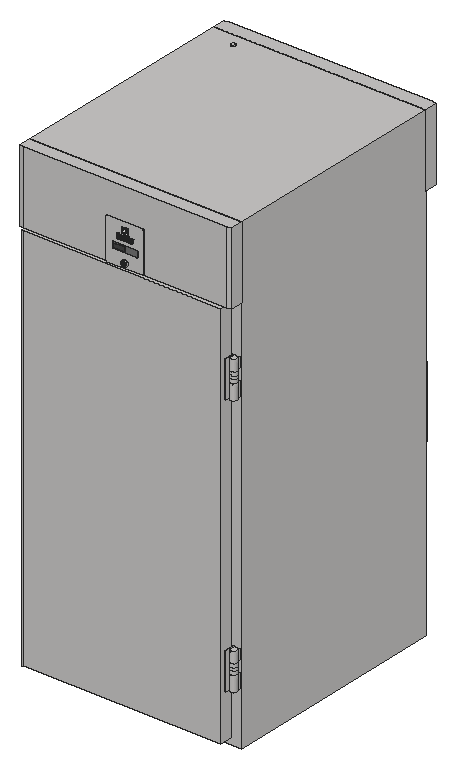
Revit family "QF_ELECTROLUXPROFESSIONAL_725103_RI16R2FGT", category Specialty Equipment, Revit 2018
Family settings
  Round Connector Dimension = Use Diameter
  Part Type = Normal
  Work Plane-Based = No
  Always vertical = Yes
  Cut with Voids When Loaded = No
  Shared = No
  Room Calculation Point = No
Parameters (values of type "Standard")
  Weight = 220.00 kg
  Watts = 0 W
  Volts = 220 V
  URL Manufacturer = "http://professional.electrolux.com"
  URL = "http://professional.electrolux.com"
  Steam Supply Size = 0 mm
  Steam Supply Minimum Pressure = 0.0 Pa
  Steam Supply Maximum Pressure = 0.0 Pa
  Steam Pounds per Hour = 0
  Refrigeration Suction Line Size = 0 mm
  Refrigeration Liquid Line Size = 0 mm
  Refrigerant Compressor Remote = yes
  Manufacturer = "Electrolux Professional"
  Phase = 1
  Model = "RI16R2FGT"
  Length Actual = 1021 mm  # constant formula
  Item Number = "725103"
  Hot Water Size = 0 mm
  Height Actual = 2272 mm  # constant formula
  HP = "0.7 HP"
  Gas Size = 0 mm
  Gas KW = 0
  Gas Input Pressure = 0 W
  Direct Waste Size = 0 mm
  Description = "1+1-GLASS DOOR ROLL-THRU REFRIGERATOR 1600LT+2°C R290"
  Depth Actual = 1249 mm  # constant formula
  Cycle = 50 Hz
  Condensate Return Size = 0 mm
  Compressed Air Volume = 0.0 L/s
  Compressed Air Size = 0 mm
  Compressed Air Pressure = 0.0 Pa
  Cold Water Size = 0 mm
  Accessory = yes
Values of the unnamed type that differ from the named types
  Volts = 0 V
  URL Manufacturer = ""
  Item Number = ""
  Cycle = 0 Hz
Reference planes
  plane 1: z = 0
  plane 2 "Center (Left/Right)": x = 0
  plane 3 "TOP": z = 2273
  plane 4 "LEFT": x = -510.5
  plane 5 "RIGHT": x = 510.5
  plane 6 "ROx": x = 394.5
  plane 7 "RIx": x = 332.5
  plane 8 "FRONT": y = -624.5
  plane 9 "Center (Front/Back)": y = 0
  plane 10 "BACK": y = 624.5
Forms (mm)
  Extrusion 1, solid, material "QF_Finishes_Stainless Steel"
    sketch origin (0, 0, 0) x (1, 0, 0) y (0, 1, 0)
      loop
        line (-510.5, 552.5) -> (-510.5, -552.5) -> (510.5, -552.5) -> (510.5, 552.5) -> (-510.5, 552.5)
    from 0 to 2273
  Extrusion 2, solid, material "QF_Clearances", detail levels coarse
    sketch origin (0, 0, 0) x (1, 0, 0) y (0, 1, 0)
      loop
        line (-510.5, -624.5) -> (-510.5, 674.5) -> (-560.5, 674.5) -> (-560.5, -624.5) -> (-510.5, -624.5)
      loop
        line (510.5, 674.5) -> (510.5, -624.5) -> (560.5, -624.5) -> (560.5, 674.5) -> (510.5, 674.5)
    from 0 to 2273
  Extrusion 3, solid, material "QF_Clearances", detail levels coarse
    sketch origin (0, 0, 2273) x (-1, 0, 0) y (0, -1, 0)
      loop
        line (560.5, -674.5) -> (560.5, 624.5) -> (-560.5, 624.5) -> (-560.5, -674.5) -> (560.5, -674.5)
    from 0 to 500
  Extrusion 4, void
    sketch origin (0, 624.5, 0) x (-1, 0, 0) y (0, 0, 1)
      loop
        line (435, 1876.5) -> (-435, 1876.5) -> (-435, 16.5) -> (435, 16.5) -> (435, 1876.5)
    from -72 to -1177
  Extrusion 5, void
    sketch origin (0, 624.5, 0) x (-1, 0, 0) y (0, 0, 1)
      loop
        circle (-493.5, 1667.453) r 6
      loop
        circle (-493.5, 1647.453) r 6
      loop
        circle (-493.5, 1545.547) r 6
      loop
        circle (-493.5, 1525.547) r 6
      loop
        circle (-493.5, 407.816) r 6
      loop
        circle (-493.5, 387.816) r 6
      loop
        circle (-493.5, 285.911) r 6
      loop
        circle (-493.5, 265.911) r 6
    from -80 to -72
  Extrusion 6, solid, material "QF_Finishes_Stainless Steel"
    sketch origin (0, 0, 2273) x (-1, 0, 0) y (0, -1, 0)
      loop
        circle (364.5, -487.7) r 10
    from 2 to 0
Cuts and joins
  joined: Extrusion 2, Extrusion 3
  Extrusion 4, Extrusion 5 cuts Extrusion 1
Lines and regions (mm)
  symbolic lines, style "QF_Clearances", detail levels coarse
    curve 1: line (-510.5, -624.5, 2273) -> (-560.5, -624.5, 2273)
    curve 2: line (-560.5, -624.5, 2273) -> (-560.5, 638.5, 2273)
    curve 3: line (560.5, 638.5, 2273) -> (560.5, -624.5, 2273)
    curve 4: line (560.5, -624.5, 2273) -> (510.5, -624.5, 2273)
Dimensions and locks
  equal spacing: plane 4 "LEFT", plane 2 "Center (Left/Right)", plane 5 "RIGHT"
  plane 4 "LEFT" to plane 5 "RIGHT" = 1021 mm
  plane 3 "TOP" to plane 1 = 2273 mm
  equal spacing: plane 5 "RIGHT", plane 2 "Center (Left/Right)", plane 4 "LEFT"
  cut or joined group of Extrusion 1, Extrusion 4, Extrusion 5 to cut or joined group of Extrusion 1, Extrusion 4, Extrusion 5 = 870 mm
  plane 7 "RIx" to plane 6 "ROx" = 62 mm
  cut or joined group of Extrusion 2, Extrusion 3 to plane 3 "TOP" = 500 mm
  cut or joined group of Extrusion 2, Extrusion 3 to plane 4 "LEFT" = 50 mm
  cut or joined group of Extrusion 1, Extrusion 4, Extrusion 5 to cut or joined group of Extrusion 2, Extrusion 3 = 50 mm
  plane 6 "ROx" to plane 5 "RIGHT" = 116 mm
  plane 5 "RIGHT" to plane 4 "LEFT" = 1021 mm
  equal spacing: plane 10 "BACK", plane 9 "Center (Front/Back)", plane 8 "FRONT"
  plane 10 "BACK" to plane 8 "FRONT" = 1249 mm
  nested 3 to nested 2 = 3108 mm
  aligned and locked: level to plane 1
Automatic sketch dimensions
  Extrusion 1 sketch curve to plane 4 "LEFT" = 0 mm
  Extrusion 1 sketch curve to plane 5 "RIGHT" = 0 mm
  Extrusion 3 sketch curve to Extrusion 3 sketch curve = 1121 mm
  Extrusion 2 sketch curve to plane 4 "LEFT" = 0 mm
  Extrusion 2 sketch curve to plane 5 "RIGHT" = 0 mm
  Extrusion 2 sketch curve to Extrusion 2 sketch curve = 50 mm  (x2)
  Extrusion 3 sketch curve to plane 5 "RIGHT" = 50 mm
  plane 8 "FRONT" to Extrusion 1 sketch curve = 72 mm
  Extrusion 1 sketch curve to Extrusion 1 sketch curve = 1105 mm
  Extrusion 2 sketch curve to plane 8 "FRONT" = 0 mm  (x2)
  Extrusion 2 sketch curve to Extrusion 2 sketch curve = 1299 mm
  Extrusion 2 sketch curve to Extrusion 2 sketch curve = 0 mm
  Extrusion 3 sketch curve to plane 8 "FRONT" = 0 mm
  Extrusion 3 sketch curve to Extrusion 3 sketch curve = 1299 mm
  curve 4 to plane 8 "FRONT" = 0 mm
  curve 4 to plane 5 "RIGHT" = 0 mm
  curve 1 to plane 4 "LEFT" = 0 mm
  curve 2 to plane 8 "FRONT" = 0 mm
  curve 3 to plane 5 "RIGHT" = 50 mm
  curve 1 to curve 2 = 50 mm
  plane 10 "BACK" to curve 2 = 14 mm
  plane 10 "BACK" to curve 3 = 14 mm
  level to Extrusion 4 sketch curve = 16.5 mm
  plane 6 "ROx" to Extrusion 4 sketch curve = 40.5 mm
  plane 4 "LEFT" to Extrusion 4 sketch curve = 75.5 mm
  Extrusion 4 sketch curve to plane 3 "TOP" = 396.5 mm
  Extrusion 6 sketch curve to plane 10 "BACK" = 136.8 mm
  plane 4 "LEFT" to Extrusion 6 sketch curve = 146 mm
  plane 5 "RIGHT" to Extrusion 5 sketch curve = 17 mm  (x8)
  level to Extrusion 5 sketch curve = 265.911 mm
  Extrusion 5 sketch curve to Extrusion 5 sketch curve = 20 mm  (x4)
  Extrusion 5 sketch curve to Extrusion 5 sketch curve = 101.905 mm  (x2)
  Extrusion 5 sketch curve to plane 3 "TOP" = 747.453 mm
  radius of Extrusion 6 sketch curve = 10 mm
  radius of Extrusion 5 sketch curve = 6 mm  (x8)
Nested families
  nested 1: "Refrigerator" at (370, -442.5, 110), type "Refrigerator"
  nested 2: "QF_725103_GlassDoor" at (0, 552.5, 1129.637) x (-1, 0, 0) z (0, 1, 0), type "QF_725103_GlassDoor"
    with Show Clearance yes
  nested 3: "QF_725103_Door" at (0, -552.5, 1129.637) x (1, 0, 0) z (0, -1, 0), type "QF_725103_Door"
    with Show Clearance yes
Connectors
  electrical at (-364.5, 487.7, 2275), driven by "Volts"
    settings: on Extrusion 6, index 1, voltage 220 V, apparent load 0 VA, apparent load phase1 0 VA, apparent load phase2 0 VA, apparent load phase3 0 VA, power factor 1, load classification "Other", number of poles 1, system type 30, power factor state 1, is connector primary yes, connector utility no, sub classification motor no, connector description "Electrical Connection"
Definition of nested family "QF_725103_GlassDoor"
  Parameters
    Show Clearance [instance] = yes
    Model = "725102"
    Default Elevation = 1219.2 mm
  Reference planes
    plane 1 "Center (Front/Back)": y = 6.863
    plane 2: z = 0
    plane 3 "Center (Left/Right)": x = 0
  Forms (mm)
    Extrusion 1, solid
      sketch origin (0, -919.2, 0) x (1, 0, 0) y (0, 1, 0)
        loop
          line (-1100, 2726.7) -> (-1100, -663.873) -> (1016.701, -663.873) -> (1016.701, 2726.7) -> (-1100, 2726.7)
      from 0 to -59.546
    Extrusion 2, solid
      sketch origin (0, 6.863, 0) x (1, 0, 0) y (0, 0, 1)
        loop
          line (-510.5, 60.667) -> (-510.5, 0) -> (510.5, 0) -> (510.5, 60.667) -> (490.5, 66) -> (-490.5, 66) -> (-510.5, 60.667)
      from -1136.5 to -786.5
    Extrusion 3, solid
      sketch origin (0, 6.863, 0) x (1, 0, 0) y (0, 0, 1)
        loop
          line (-459.5, 0) -> (457.5, 0) -> (457.5, 8) -> (461.5, 8) -> (461.5, 53) -> (-463.5, 53) -> (-463.5, 8) -> (-459.5, 8) -> (-459.5, 0)
      from -775 to 1105
    Extrusion 4, solid, detail levels coarse
      sketch origin (154.5, 1013.369, -334) x (-1, 0, 0) y (0, 0, -1)
        loop
          line (-365, -352) -> (-365, -1314) -> (-312, -1314) -> (-312, -400) -> (-351, -400) -> (-351, -352) -> (-365, -352)
      from 2110.506 to 232.142
    Extrusion 5, solid, detail levels coarse
      sketch origin (171.5, 1121.732, -334) x (1, 0, 0) y (0, 0, 1)
        loop
          arc (295, 1314) -> (-326.335, 1017.414) -> (-631, 400) r 1051.534
          line (-631, 400) -> (295, 400) -> (295, 1314)
      from 2219.869 to 339.869
    Extrusion 6, solid
      sketch origin (-4, 6.863, 0) x (1, 0, 0) y (0, 0, 1)
        loop
          line (465.5, 46) -> (465.5, 0) -> (474.5, 0) -> (474.5, 46) -> (465.5, 46)
      from -550 to -375
    Extrusion 7, solid
      sketch origin (-4, 6.863, -15.333) x (1, 0, 0) y (0, 0, 1)
        loop
          arc (501.5, 23.843) -> (491.5, 52.333) -> (481.5, 23.843) r 16
          line (481.5, 23.843) -> (481.5, 15.333) -> (501.5, 15.333) -> (501.5, 23.843)
      from -500 to -550
    Extrusion 8, solid
      sketch origin (451.167, 6.863, 512.5) x (0, 0, -1) y (1, 0, 0)
        loop
          arc (501.5, 23.843) -> (491.5, 52.333) -> (481.5, 23.843) r 16
          line (481.5, 23.843) -> (481.5, 19.333) -> (501.5, 19.333) -> (501.5, 23.843)
      from -482 to -500
    Extrusion 9, solid
      sketch origin (-4, 6.863, -15.333) x (1, 0, 0) y (0, 0, 1)
        loop
          arc (501.5, 23.843) -> (491.5, 52.333) -> (481.5, 23.843) r 16
          line (481.5, 23.843) -> (481.5, 15.333) -> (501.5, 15.333) -> (501.5, 23.843)
      from -445 to -375
    Extrusion 10, solid
      sketch origin (451.167, 6.863, 512.5) x (0, 0, -1) y (1, 0, 0)
        loop
          arc (501.5, 23.843) -> (491.5, 52.333) -> (481.5, 23.843) r 16
          line (481.5, 23.843) -> (481.5, 19.333) -> (501.5, 19.333) -> (501.5, 23.843)
      from -469 to -482
    Extrusion 11, solid
      sketch origin (451.167, 6.863, 512.5) x (0, 0, -1) y (1, 0, 0)
        loop
          arc (501.5, 23.843) -> (491.5, 52.333) -> (481.5, 23.843) r 16
          line (481.5, 23.843) -> (481.5, 19.333) -> (501.5, 19.333) -> (501.5, 23.843)
      from -451 to -469
    Extrusion 12, solid
      sketch origin (-4, 6.863, 0) x (1, 0, 0) y (0, 0, 1)
        loop
          circle (491.5, 21) r 12
      from -451 to -445
    Extrusion 13, solid
      sketch origin (-4, -1252.773, 0) x (1, 0, 0) y (0, 0, 1)
        loop
          line (465.5, 46) -> (465.5, 0) -> (474.5, 0) -> (474.5, 46) -> (465.5, 46)
      from -550 to -375
    Extrusion 14, solid
      sketch origin (-4, -1252.773, -15.333) x (1, 0, 0) y (0, 0, 1)
        loop
          arc (501.5, 23.843) -> (491.5, 52.333) -> (481.5, 23.843) r 16
          line (481.5, 23.843) -> (481.5, 15.333) -> (501.5, 15.333) -> (501.5, 23.843)
      from -500 to -550
    Extrusion 15, solid
      sketch origin (451.167, -1252.773, 512.5) x (0, 0, -1) y (1, 0, 0)
        loop
          arc (501.5, 23.843) -> (491.5, 52.333) -> (481.5, 23.843) r 16
          line (481.5, 23.843) -> (481.5, 19.333) -> (501.5, 19.333) -> (501.5, 23.843)
      from -482 to -500
    Extrusion 16, solid
      sketch origin (-4, -1252.773, -15.333) x (1, 0, 0) y (0, 0, 1)
        loop
          arc (501.5, 23.843) -> (491.5, 52.333) -> (481.5, 23.843) r 16
          line (481.5, 23.843) -> (481.5, 15.333) -> (501.5, 15.333) -> (501.5, 23.843)
      from -445 to -375
    Extrusion 17, solid
      sketch origin (451.167, -1252.773, 512.5) x (0, 0, -1) y (1, 0, 0)
        loop
          arc (501.5, 23.843) -> (491.5, 52.333) -> (481.5, 23.843) r 16
          line (481.5, 23.843) -> (481.5, 19.333) -> (501.5, 19.333) -> (501.5, 23.843)
      from -469 to -482
    Extrusion 18, solid
      sketch origin (451.167, -1252.773, 512.5) x (0, 0, -1) y (1, 0, 0)
        loop
          arc (501.5, 23.843) -> (491.5, 52.333) -> (481.5, 23.843) r 16
          line (481.5, 23.843) -> (481.5, 19.333) -> (501.5, 19.333) -> (501.5, 23.843)
      from -451 to -469
    Extrusion 19, solid
      sketch origin (-4, -1252.773, 0) x (1, 0, 0) y (0, 0, 1)
        loop
          circle (491.5, 21) r 12
      from -451 to -445
    Extrusion 20, void
      sketch origin (0, 0, 0) x (1, 0, 0) y (0, 1, 0)
        loop
          line (-428.5, 746.863) -> (-428.5, -1063.137) -> (426.5, -1063.137) -> (426.5, 746.863) -> (-428.5, 746.863)
      from 0 to 66
    Extrusion 21, solid
      sketch origin (0, 0, 0) x (1, 0, 0) y (0, 1, 0)
        loop
          line (-428.5, 746.863) -> (-428.5, -1063.137) -> (426.5, -1063.137) -> (426.5, 746.863) -> (-428.5, 746.863)
      from 53 to 43
    Extrusion 22, solid
      sketch origin (0, -36.965, 0) x (0, 1, 0) y (0, 0, 1)
        loop
          line (43.082, 67.001) -> (-300.013, 67.001) -> (-300.759, 65.401) -> (43.829, 65.401) -> (43.082, 67.001)
      from -463.5 to -443.177
    Extrusion 23, void
      sketch origin (0, -36.965, 0) x (0, 1, 0) y (0, 0, 1)
        loop
          line (61.535, 13.875) -> (61.535, 48.875) -> (51.535, 48.875) -> (43.082, 67.001) -> (-300.013, 67.001) -> (-308.465, 48.875) -> (-318.465, 48.875) -> (-318.465, 13.875) -> (61.535, 13.875)
      from -459.5 to -463.5
    Extrusion 24, solid
      sketch origin (0, -36.965, 0) x (0, 1, 0) y (0, 0, 1)
        loop
          line (51.535, 48.875) -> (43.082, 67.001) -> (-300.013, 67.001) -> (-308.465, 48.875) -> (-318.465, 48.875) -> (-318.465, 13.875) -> (61.535, 13.875) -> (61.535, 48.875) -> (51.535, 48.875)
        loop
          circle (-273.41, 32.257) r 5.995
        loop
          circle (-273.41, 32.257) r 5
        loop
          circle (11.59, 32.257) r 6
        loop
          circle (11.59, 32.257) r 5
      from -463.5 to -459.5
    Extrusion 25, solid
      sketch origin (0, 0, 0) x (1, 0, 0) y (0, 1, 0)
        loop
          circle (-493.5, -721.821) r 6
        loop
          circle (-493.5, -741.821) r 6
        loop
          circle (-493.5, -863.726) r 6
        loop
          circle (-493.5, -843.726) r 6
      from -4 to -8
    Extrusion 26, solid
      sketch origin (0, 1259.637, 0) x (1, 0, 0) y (0, 1, 0)
        loop
          circle (-493.5, -721.821) r 6
        loop
          circle (-493.5, -741.821) r 6
        loop
          circle (-493.5, -863.726) r 6
        loop
          circle (-493.5, -843.726) r 6
      from -4 to -8
  Cuts and joins
    Extrusion 20, Extrusion 23 cuts Extrusion 3
    Extrusion 20 cuts Extrusion 5
    Extrusion 23 cuts Extrusion 21
    Extrusion 23 cuts Extrusion 22
    joined: Extrusion 22, Extrusion 24
  Lines and regions (mm)
    symbolic lines
      curve 1: line (-510.5, 6.863, 0) -> (-510.5, 6.863, 60.667)
      curve 2: line (510.5, 6.863, 0) -> (-510.5, 6.863, 0)
      curve 3: line (519.5, 6.863, 18) -> (519.5, 6.863, 980)
      curve 4: line (510.5, 6.863, 18) -> (519.5, 6.863, 18)
      curve 5: line (-490.5, 6.863, 66) -> (-510.5, 6.863, 60.667)
      curve 6: line (490.5, 6.863, 66) -> (-490.5, 6.863, 66)
      curve 7: line (510.5, 6.863, 60.667) -> (490.5, 6.863, 66)
      curve 8: line (510.5, 6.863, 60.667) -> (510.5, 6.863, 0)
      curve 9: line (466.5, 6.863, 66) -> (466.5, 6.863, 977)
      curve 10: line (519.5, 6.863, 980) -> (466.5, 6.863, 980)
      curve 11: arc (466.5, 6.863, 980) -> (-154.835, 6.863, 683.414) -> (-459.5, 6.863, 66) r 1051.534
  Dimensions and locks
    aligned and locked: plane 2 to Extrusion 1
    aligned and locked: level to Extrusion 1
  Nested families
    nested 1: "QF_DisplayNewRollCabinets_ELX" at (0, 893.363, 66), type "QF_DisplayNewRollCabinets_ELX"
      with Show Clearance yes
  Definition of nested family "QF_DisplayNewRollCabinets_ELX"
    Parameters
      Show Clearance [instance] = yes
      Model = "728658"
      Default Elevation = 1219.2 mm
    Reference planes
      plane 1 "Center (Front/Back)": y = 0
      plane 2: z = 0
      plane 3 "Center (Left/Right)": x = 0
    Forms (mm)
      Extrusion 1, solid
        sketch origin (0, -919.2, 0) x (1, 0, 0) y (0, 1, 0)
          loop
            line (-198.75, 1146.2) -> (-198.75, 709.567) -> (165.741, 709.567) -> (165.741, 1146.2) -> (-198.75, 1146.2)
        from 0 to -59.546
      Extrusion 2, solid
        sketch origin (-59, -79.611, 0) x (0, 1, 0) y (-1, 0, 0)
          loop
            circle (0.611, -59) r 14
          loop
            circle (0.611, -59) r 10
        from 1.6 to 6
      Extrusion 3, solid
        sketch origin (744.635, 285.889, 0) x (0, 1, 0) y (-1, 0, 0)
          loop
            circle (-364.889, 744.635) r 10
          loop
            circle (-364.889, 744.635) r 9
        from 1.6 to 6
      Extrusion 4, solid
        sketch origin (744.635, 285.889, 0) x (0, 1, 0) y (-1, 0, 0)
          loop
            circle (-364.889, 744.635) r 8.7
        from 1.6 to 6
      Extrusion 5, void
        sketch origin (744.635, 285.889, 0) x (0, 1, 0) y (-1, 0, 0)
          loop
            line (-372.339, 745.885) -> (-372.339, 743.385) -> (-362.339, 743.385) -> (-362.339, 745.885) -> (-372.339, 745.885)
        from 3 to 7
      Extrusion 6, solid
        sketch origin (0, 0, 0) x (1, 0, 0) y (0, 1, 0)
          loop
            arc (-90, -95) -> (-88.536, -98.536) -> (-85, -100) r 5
            line (-85, -100) -> (85, -100)
            arc (85, -100) -> (88.536, -98.536) -> (90, -95) r 5
            line (90, -95) -> (90, 95)
            arc (90, 95) -> (88.536, 98.536) -> (85, 100) r 5
            line (85, 100) -> (-85, 100)
            arc (-85, 100) -> (-88.536, 98.536) -> (-90, 95) r 5
            line (-90, 95) -> (-90, -95)
          loop
            line (-60, -3.798) -> (-60, -32.827) -> (60, -32.827) -> (60, -3.798) -> (-60, -3.798)
        from 0 to 1.6
      Extrusion 7, solid
        sketch origin (0, 0, 0) x (1, 0, 0) y (0, 1, 0)
          loop
            line (-60, -3.798) -> (-60, -32.827) -> (60, -32.827) -> (60, -3.798) -> (-60, -3.798)
          loop
            line (-56.428, -8.037) -> (-56.428, -28.331) -> (0, -28.331) -> (0, -8.037) -> (-56.428, -8.037)
        from 0 to 1.6
      Extrusion 8, solid
        sketch origin (0, 0, 0) x (1, 0, 0) y (0, 1, 0)
          loop
            line (-56.428, -8.037) -> (-56.428, -28.331) -> (0, -28.331) -> (0, -8.037) -> (-56.428, -8.037)
        from 0 to 1.6
      Extrusion 9, solid
        sketch origin (0, 0, 0) x (1, 0, 0) y (0, 1, 0)
          loop
            spline (-35.495, 30.517) -> (-35.679, 30.525) -> (-35.875, 30.55) -> (-36.078, 30.596) -> (-36.282, 30.665) -> (-36.483, 30.762) -> (-36.674, 30.888) -> (-36.851, 31.047) -> (-37.007, 31.242) -> (-37.138, 31.476) -> (-37.238, 31.752) -> (-37.302, 32.073) -> (-37.325, 32.443)
            line (-37.325, 32.443) -> (-37.325, 34.082) -> (-31.914, 34.082) -> (-31.914, 36.172) -> (-37.326, 36.172) -> (-37.326, 39.215) -> (-31.569, 39.215) -> (-31.569, 41.3) -> (-39.541, 41.3) -> (-39.541, 32.538)
            spline (-39.541, 32.538) -> (-39.521, 31.999) -> (-39.461, 31.491) -> (-39.359, 31.016) -> (-39.214, 30.575) -> (-39.026, 30.17) -> (-38.792, 29.803) -> (-38.513, 29.476) -> (-38.186, 29.19) -> (-37.811, 28.948) -> (-37.386, 28.75) -> (-36.91, 28.599) -> (-36.383, 28.497)
            line (-36.383, 28.497) -> (-35.513, 28.434) -> (-31.415, 28.434) -> (-31.415, 30.517) -> (-35.495, 30.517)
          loop
            line (-29.841, 35.221) -> (-29.841, 28.431) -> (-27.625, 28.431) -> (-27.625, 41.303) -> (-29.841, 41.303) -> (-29.841, 35.221)
          loop
            spline (-16.689, 32.543) -> (-16.674, 33.24) -> (-16.741, 33.914) -> (-16.887, 34.559) -> (-17.108, 35.168) -> (-17.403, 35.737) -> (-17.768, 36.257) -> (-18.2, 36.724) -> (-18.697, 37.131) -> (-19.255, 37.471) -> (-19.872, 37.739) -> (-20.545, 37.929) -> (-21.271, 38.033)
            spline (-21.271, 38.033) -> (-21.961, 37.993) -> (-22.617, 37.875) -> (-23.233, 37.682) -> (-23.805, 37.417) -> (-24.328, 37.083) -> (-24.797, 36.683) -> (-25.207, 36.219) -> (-25.554, 35.696) -> (-25.832, 35.116) -> (-26.036, 34.481) -> (-26.162, 33.795) -> (-26.206, 33.061)
            spline (-26.206, 33.061) -> (-26.164, 32.345) -> (-26.041, 31.676) -> (-25.841, 31.056) -> (-25.568, 30.489) -> (-25.226, 29.977) -> (-24.818, 29.524) -> (-24.348, 29.133) -> (-23.822, 28.805) -> (-23.241, 28.546) -> (-22.61, 28.357) -> (-21.934, 28.241) -> (-21.215, 28.202)
            spline (-21.215, 28.202) -> (-20.865, 28.21) -> (-20.518, 28.237) -> (-20.176, 28.283) -> (-19.837, 28.35) -> (-19.503, 28.441) -> (-19.173, 28.557) -> (-18.847, 28.699) -> (-18.525, 28.87) -> (-18.208, 29.07) -> (-17.895, 29.303) -> (-17.587, 29.569) -> (-17.283, 29.871)
            line (-17.283, 29.871) -> (-18.618, 31.17)
            spline (-18.618, 31.17) -> (-18.794, 31.001) -> (-18.971, 30.845) -> (-19.151, 30.704) -> (-19.334, 30.578) -> (-19.523, 30.465) -> (-19.72, 30.368) -> (-19.925, 30.284) -> (-20.141, 30.216) -> (-20.369, 30.163) -> (-20.61, 30.125) -> (-20.867, 30.102) -> (-21.141, 30.094)
            spline (-21.141, 30.094) -> (-21.542, 30.114) -> (-21.918, 30.172) -> (-22.268, 30.268) -> (-22.589, 30.399) -> (-22.881, 30.564) -> (-23.142, 30.762) -> (-23.37, 30.99) -> (-23.564, 31.248) -> (-23.721, 31.534) -> (-23.841, 31.846) -> (-23.921, 32.183) -> (-23.961, 32.543)
            line (-23.961, 32.543) -> (-16.689, 32.543)
          loop
            spline (-18.915, 34.101) -> (-18.937, 34.375) -> (-19, 34.638) -> (-19.101, 34.889) -> (-19.237, 35.124) -> (-19.407, 35.342) -> (-19.606, 35.538) -> (-19.833, 35.712) -> (-20.083, 35.859) -> (-20.355, 35.979) -> (-20.646, 36.067) -> (-20.952, 36.122) -> (-21.271, 36.141)
            spline (-21.271, 36.141) -> (-21.613, 36.123) -> (-21.943, 36.069) -> (-22.256, 35.981) -> (-22.552, 35.864) -> (-22.825, 35.717) -> (-23.075, 35.545) -> (-23.297, 35.35) -> (-23.49, 35.133) -> (-23.65, 34.897) -> (-23.774, 34.645) -> (-23.86, 34.379) -> (-23.905, 34.101)
            line (-23.905, 34.101) -> (-18.915, 34.101)
          loop
            spline (-13.301, 33.118) -> (-13.275, 33.53) -> (-13.201, 33.921) -> (-13.081, 34.288) -> (-12.918, 34.628) -> (-12.715, 34.938) -> (-12.475, 35.216) -> (-12.201, 35.459) -> (-11.896, 35.664) -> (-11.563, 35.828) -> (-11.205, 35.948) -> (-10.825, 36.023) -> (-10.425, 36.048)
            spline (-10.425, 36.048) -> (-10.18, 36.041) -> (-9.946, 36.018) -> (-9.721, 35.98) -> (-9.505, 35.928) -> (-9.298, 35.862) -> (-9.099, 35.782) -> (-8.908, 35.688) -> (-8.724, 35.581) -> (-8.547, 35.461) -> (-8.376, 35.329) -> (-8.211, 35.185) -> (-8.051, 35.028)
            line (-8.051, 35.028) -> (-6.678, 36.457)
            spline (-6.678, 36.457) -> (-6.951, 36.73) -> (-7.233, 36.975) -> (-7.522, 37.194) -> (-7.819, 37.386) -> (-8.123, 37.553) -> (-8.434, 37.695) -> (-8.751, 37.813) -> (-9.075, 37.908) -> (-9.404, 37.98) -> (-9.739, 38.031) -> (-10.08, 38.061) -> (-10.425, 38.07)
            spline (-10.425, 38.07) -> (-11.118, 38.028) -> (-11.781, 37.902) -> (-12.409, 37.698) -> (-12.996, 37.421) -> (-13.537, 37.075) -> (-14.024, 36.665) -> (-14.453, 36.196) -> (-14.817, 35.671) -> (-15.11, 35.097) -> (-15.327, 34.476) -> (-15.462, 33.815) -> (-15.508, 33.118)
            spline (-15.508, 33.118) -> (-15.462, 32.42) -> (-15.327, 31.759) -> (-15.11, 31.138) -> (-14.817, 30.564) -> (-14.453, 30.039) -> (-14.024, 29.57) -> (-13.537, 29.16) -> (-12.996, 28.814) -> (-12.409, 28.537) -> (-11.781, 28.333) -> (-11.118, 28.207) -> (-10.425, 28.165)
            spline (-10.425, 28.165) -> (-10.08, 28.174) -> (-9.739, 28.204) -> (-9.404, 28.255) -> (-9.075, 28.327) -> (-8.751, 28.422) -> (-8.434, 28.54) -> (-8.123, 28.682) -> (-7.819, 28.849) -> (-7.522, 29.041) -> (-7.233, 29.26) -> (-6.951, 29.505) -> (-6.678, 29.779)
            line (-6.678, 29.779) -> (-8.051, 31.207)
            spline (-8.051, 31.207) -> (-8.211, 31.05) -> (-8.376, 30.906) -> (-8.547, 30.774) -> (-8.724, 30.654) -> (-8.908, 30.547) -> (-9.099, 30.453) -> (-9.298, 30.373) -> (-9.505, 30.307) -> (-9.721, 30.255) -> (-9.946, 30.217) -> (-10.18, 30.194) -> (-10.425, 30.187)
            spline (-10.425, 30.187) -> (-10.825, 30.212) -> (-11.205, 30.287) -> (-11.563, 30.407) -> (-11.896, 30.571) -> (-12.201, 30.776) -> (-12.475, 31.019) -> (-12.715, 31.297) -> (-12.918, 31.607) -> (-13.081, 31.947) -> (-13.201, 32.314) -> (-13.275, 32.705) -> (-13.301, 33.118)
          loop
            spline (-1.029, 30.514) -> (-1.224, 30.511) -> (-1.433, 30.525) -> (-1.651, 30.562) -> (-1.872, 30.623) -> (-2.09, 30.713) -> (-2.301, 30.835) -> (-2.498, 30.992) -> (-2.675, 31.189) -> (-2.829, 31.429) -> (-2.952, 31.716) -> (-3.039, 32.053) -> (-3.086, 32.443)
            line (-3.086, 32.443) -> (-3.086, 35.726) -> (-1.07, 35.726) -> (-1.07, 37.739) -> (-3.083, 37.739) -> (-3.083, 41.303) -> (-5.299, 41.303) -> (-5.299, 32.317)
            spline (-5.299, 32.317) -> (-5.251, 31.795) -> (-5.165, 31.305) -> (-5.04, 30.847) -> (-4.875, 30.424) -> (-4.668, 30.037) -> (-4.418, 29.687) -> (-4.125, 29.377) -> (-3.788, 29.108) -> (-3.405, 28.881) -> (-2.975, 28.699) -> (-2.498, 28.562) -> (-1.972, 28.474)
            line (-1.972, 28.474) -> (-1.037, 28.431) -> (-1.029, 30.514)
          loop
            spline (6.427, 37.868) -> (6.044, 37.892) -> (5.675, 37.885) -> (5.321, 37.849) -> (4.984, 37.784) -> (4.663, 37.692) -> (4.362, 37.573) -> (4.079, 37.428) -> (3.817, 37.259) -> (3.576, 37.066) -> (3.358, 36.85) -> (3.163, 36.613) -> (2.992, 36.355)
            line (2.992, 36.355) -> (2.992, 37.739) -> (0.794, 37.739) -> (0.794, 28.431) -> (2.992, 28.431) -> (2.992, 33.325)
            spline (2.992, 33.325) -> (3.013, 33.696) -> (3.072, 34.042) -> (3.169, 34.362) -> (3.303, 34.653) -> (3.471, 34.915) -> (3.673, 35.147) -> (3.907, 35.346) -> (4.171, 35.513) -> (4.465, 35.644) -> (4.785, 35.74) -> (5.132, 35.799) -> (5.504, 35.818)
            line (5.504, 35.818) -> (6.427, 35.726) -> (6.427, 37.868)
          loop
            spline (16.924, 33.085) -> (16.877, 33.768) -> (16.743, 34.419) -> (16.525, 35.032) -> (16.231, 35.603) -> (15.866, 36.126) -> (15.437, 36.596) -> (14.949, 37.008) -> (14.409, 37.357) -> (13.823, 37.637) -> (13.196, 37.844) -> (12.535, 37.972) -> (11.845, 38.016)
            spline (11.845, 38.016) -> (11.152, 37.972) -> (10.488, 37.844) -> (9.86, 37.637) -> (9.273, 37.357) -> (8.733, 37.008) -> (8.246, 36.596) -> (7.818, 36.126) -> (7.455, 35.603) -> (7.163, 35.032) -> (6.946, 34.419) -> (6.812, 33.768) -> (6.766, 33.085)
            spline (6.766, 33.085) -> (6.812, 32.402) -> (6.946, 31.752) -> (7.163, 31.138) -> (7.455, 30.568) -> (7.818, 30.045) -> (8.246, 29.574) -> (8.733, 29.162) -> (9.273, 28.813) -> (9.86, 28.533) -> (10.488, 28.326) -> (11.152, 28.198) -> (11.845, 28.154)
            spline (11.845, 28.154) -> (12.535, 28.198) -> (13.196, 28.326) -> (13.823, 28.533) -> (14.409, 28.813) -> (14.949, 29.162) -> (15.437, 29.574) -> (15.866, 30.045) -> (16.231, 30.568) -> (16.525, 31.138) -> (16.743, 31.752) -> (16.877, 32.402) -> (16.924, 33.085)
          loop
            spline (14.726, 33.085) -> (14.7, 33.488) -> (14.625, 33.872) -> (14.504, 34.235) -> (14.34, 34.572) -> (14.136, 34.882) -> (13.895, 35.161) -> (13.62, 35.405) -> (13.315, 35.612) -> (12.981, 35.778) -> (12.623, 35.901) -> (12.244, 35.977) -> (11.845, 36.003)
            spline (11.845, 36.003) -> (11.443, 35.977) -> (11.061, 35.901) -> (10.702, 35.778) -> (10.368, 35.612) -> (10.063, 35.405) -> (9.789, 35.161) -> (9.549, 34.882) -> (9.346, 34.572) -> (9.184, 34.235) -> (9.064, 33.872) -> (8.99, 33.488) -> (8.965, 33.085)
            spline (8.965, 33.085) -> (8.99, 32.682) -> (9.064, 32.298) -> (9.184, 31.936) -> (9.346, 31.598) -> (9.549, 31.288) -> (9.789, 31.01) -> (10.063, 30.765) -> (10.368, 30.558) -> (10.702, 30.392) -> (11.061, 30.269) -> (11.443, 30.193) -> (11.845, 30.167)
            spline (11.845, 30.167) -> (12.244, 30.193) -> (12.623, 30.269) -> (12.981, 30.392) -> (13.315, 30.558) -> (13.62, 30.765) -> (13.895, 31.01) -> (14.136, 31.288) -> (14.34, 31.598) -> (14.504, 31.936) -> (14.625, 32.298) -> (14.7, 32.682) -> (14.726, 33.085)
          loop
            line (18.286, 35.443) -> (18.286, 28.431) -> (20.504, 28.431) -> (20.504, 41.303) -> (18.286, 41.303) -> (18.286, 35.443)
          loop
            line (28.496, 37.739) -> (28.496, 32.328)
            spline (28.496, 32.328) -> (28.478, 31.977) -> (28.426, 31.659) -> (28.342, 31.376) -> (28.228, 31.126) -> (28.085, 30.908) -> (27.916, 30.721) -> (27.723, 30.566) -> (27.508, 30.44) -> (27.273, 30.344) -> (27.019, 30.276) -> (26.748, 30.236) -> (26.464, 30.223)
            spline (26.464, 30.223) -> (26.18, 30.236) -> (25.909, 30.276) -> (25.656, 30.344) -> (25.42, 30.44) -> (25.205, 30.564) -> (25.012, 30.719) -> (24.843, 30.904) -> (24.701, 31.12) -> (24.587, 31.368) -> (24.503, 31.648) -> (24.451, 31.962) -> (24.433, 32.309)
            line (24.433, 32.309) -> (24.433, 37.739) -> (22.198, 37.739) -> (22.198, 32.125)
            spline (22.198, 32.125) -> (22.238, 31.488) -> (22.352, 30.91) -> (22.537, 30.388) -> (22.786, 29.923) -> (23.095, 29.514) -> (23.456, 29.16) -> (23.866, 28.863) -> (24.319, 28.62) -> (24.808, 28.432) -> (25.33, 28.298) -> (25.877, 28.218) -> (26.446, 28.191)
            spline (26.446, 28.191) -> (27.019, 28.218) -> (27.571, 28.299) -> (28.097, 28.435) -> (28.591, 28.626) -> (29.047, 28.872) -> (29.46, 29.174) -> (29.825, 29.532) -> (30.136, 29.947) -> (30.387, 30.419) -> (30.574, 30.948) -> (30.69, 31.535) -> (30.729, 32.18)
            line (30.729, 32.18) -> (30.729, 37.739) -> (28.496, 37.739)
          loop
            line (39.115, 31.408) -> (37.717, 33.362) -> (39.448, 35.719) -> (40.93, 37.739) -> (38.511, 37.739) -> (36.497, 34.95) -> (34.466, 37.739) -> (32.065, 37.739) -> (33.442, 35.856) -> (35.279, 33.344) -> (33.354, 30.663) -> (31.751, 28.431) -> (34.134, 28.431) -> (36.497, 31.719) -> (38.861, 28.431) -> (41.244, 28.431) -> (39.115, 31.408)
          loop
            line (-38.295, 23.783) -> (-40.009, 23.783) -> (-40.009, 19.333) -> (-39.095, 19.333) -> (-39.095, 20.841) -> (-38.295, 20.841)
            arc (-38.295, 20.841) -> (-36.824, 22.312) -> (-38.295, 23.783) r 1.471
          loop
            arc (-38.234, 21.69) -> (-37.702, 22.312) -> (-38.234, 22.934) r 0.63
            line (-38.234, 22.934) -> (-39.095, 22.934) -> (-39.095, 21.69) -> (-38.234, 21.69)
          loop
            line (-31.313, 23.783) -> (-33.058, 23.783) -> (-33.058, 19.333) -> (-32.144, 19.333) -> (-32.144, 20.866) -> (-31.349, 20.866) -> (-30.568, 19.333) -> (-29.53, 19.333) -> (-30.598, 21.091)
            arc (-30.598, 21.091) -> (-30.04, 21.611) -> (-29.845, 22.348) r 1.374
            arc (-29.845, 22.348) -> (-30.287, 23.365) -> (-31.313, 23.783) r 1.469
          loop
            line (-31.332, 22.942) -> (-32.144, 22.942) -> (-32.144, 21.7) -> (-31.332, 21.7)
            arc (-31.332, 21.7) -> (-30.827, 22.321) -> (-31.332, 22.942) r 0.634
          loop
            circle (-23.849, 21.558) r 2.311
          loop
            circle (-23.849, 21.558) r 1.467
          loop
            line (-17.711, 23.783) -> (-17.711, 19.333) -> (-16.796, 19.333) -> (-16.796, 21.162) -> (-15.122, 21.162) -> (-15.122, 22.003) -> (-16.796, 22.003) -> (-16.796, 22.942) -> (-14.961, 22.942) -> (-14.961, 23.783) -> (-17.711, 23.783)
          loop
            line (-11.187, 23.783) -> (-11.187, 20.776)
            arc (-11.187, 20.776) -> (-10.776, 19.757) -> (-9.763, 19.333) r 1.424
            line (-9.763, 19.333) -> (-8.326, 19.333) -> (-8.326, 20.174) -> (-9.388, 20.174)
            arc (-9.388, 20.174) -> (-10.074, 20.494) -> (-10.272, 21.224) r 0.897
            line (-10.272, 21.224) -> (-8.492, 21.224) -> (-8.492, 22.065) -> (-10.272, 22.065) -> (-10.272, 22.942) -> (-8.369, 22.942) -> (-8.369, 23.783) -> (-11.187, 23.783)
          loop
            line (-2.341, 22.616) -> (-1.684, 23.067)
            arc (-1.684, 23.067) -> (-2.293, 23.661) -> (-3.121, 23.857) r 1.593
            arc (-3.121, 23.857) -> (-3.842, 23.672) -> (-4.423, 23.206) r 1.765
            arc (-4.423, 23.206) -> (-4.501, 22.623) -> (-4.383, 22.046) r 1.775
            arc (-4.383, 22.046) -> (-3.986, 21.617) -> (-3.47, 21.346) r 1.724
            arc (-3.47, 21.346) -> (-3.071, 21.188) -> (-2.688, 20.994) r 4.507
            arc (-2.688, 20.994) -> (-2.464, 20.43) -> (-2.973, 20.098) r 0.479
            arc (-2.973, 20.098) -> (-3.616, 20.315) -> (-4.111, 20.78) r 1.593
            line (-4.111, 20.78) -> (-4.81, 20.341)
            arc (-4.81, 20.341) -> (-4.533, 19.884) -> (-4.129, 19.534) r 1.711
            arc (-4.129, 19.534) -> (-3.616, 19.315) -> (-3.061, 19.259) r 1.845
            arc (-3.061, 19.259) -> (-2.375, 19.396) -> (-1.757, 19.724) r 2.41
            arc (-1.757, 19.724) -> (-1.484, 20.45) -> (-1.625, 21.213) r 1.447
            arc (-1.625, 21.213) -> (-1.929, 21.564) -> (-2.319, 21.818) r 1.678
            arc (-2.319, 21.818) -> (-2.811, 22.038) -> (-3.316, 22.227) r 8.836
            arc (-3.316, 22.227) -> (-3.607, 22.681) -> (-3.186, 23.017) r 0.402
            arc (-3.186, 23.017) -> (-2.717, 22.913) -> (-2.341, 22.616) r 1.07
          loop
            line (9.023, 23.783) -> (9.023, 19.333) -> (9.938, 19.333) -> (9.938, 23.783) -> (9.023, 23.783)
          loop
            circle (16.107, 21.558) r 1.384
          loop
            circle (16.107, 21.558) r 2.311
          loop
            line (22.245, 19.333) -> (23.169, 19.333) -> (23.169, 22.131) -> (25.205, 19.333) -> (26.094, 19.333) -> (26.094, 23.783) -> (25.17, 23.783) -> (25.17, 20.9) -> (23.135, 23.783) -> (22.245, 23.783) -> (22.245, 19.333)
          loop
            line (30.707, 19.333) -> (31.141, 20.293) -> (32.787, 20.293) -> (33.22, 19.333) -> (34.204, 19.333) -> (31.937, 23.783) -> (29.725, 19.333) -> (30.707, 19.333)
          loop
            line (31.964, 22.119) -> (31.552, 21.206) -> (32.376, 21.206) -> (31.964, 22.119)
          loop
            line (38.748, 20.174) -> (38.748, 23.783) -> (37.833, 23.783) -> (37.833, 19.333) -> (40.459, 19.333) -> (40.459, 20.174) -> (38.748, 20.174)
          loop
            line (-14.216, 47.398) -> (14.216, 47.398) -> (14.216, 75.792) -> (-14.216, 75.792) -> (-14.216, 47.398)
          loop
            line (3.797, 74.398) -> (3.797, 48.85)
            arc (3.797, 48.85) -> (13.241, 61.624) -> (3.797, 74.398) r 13.361
          loop
            line (2.497, 72.548) -> (2.497, 74.398)
            arc (2.497, 74.398) -> (-8.128, 71.983) -> (-13.247, 62.364) r 13.094
            line (-13.247, 62.364) -> (-9.02, 62.364)
            arc (-9.02, 62.364) -> (-1.469, 65.429) -> (2.497, 72.548) r 12.273
          loop
            arc (-13.247, 60.883) -> (-8.136, 51.185) -> (2.497, 48.522) r 13.436
            line (2.497, 48.522) -> (2.497, 50.7)
            arc (2.497, 50.7) -> (-1.469, 57.818) -> (-9.02, 60.883) r 12.273
            line (-9.02, 60.883) -> (-13.247, 60.883)
          loop
            line (4.381, 22.616) -> (5.039, 23.067)
            arc (5.039, 23.067) -> (4.429, 23.661) -> (3.601, 23.857) r 1.593
            arc (3.601, 23.857) -> (2.88, 23.672) -> (2.299, 23.206) r 1.765
            arc (2.299, 23.206) -> (2.221, 22.623) -> (2.339, 22.046) r 1.775
            arc (2.339, 22.046) -> (2.736, 21.617) -> (3.252, 21.346) r 1.724
            arc (3.252, 21.346) -> (3.651, 21.188) -> (4.034, 20.994) r 4.507
            arc (4.034, 20.994) -> (4.258, 20.43) -> (3.75, 20.098) r 0.479
            arc (3.75, 20.098) -> (3.106, 20.315) -> (2.611, 20.78) r 1.593
            line (2.611, 20.78) -> (1.912, 20.341)
            arc (1.912, 20.341) -> (2.189, 19.884) -> (2.594, 19.534) r 1.711
            arc (2.594, 19.534) -> (3.106, 19.315) -> (3.661, 19.259) r 1.845
            arc (3.661, 19.259) -> (4.347, 19.396) -> (4.965, 19.724) r 2.41
            arc (4.965, 19.724) -> (5.238, 20.45) -> (5.097, 21.213) r 1.447
            arc (5.097, 21.213) -> (4.793, 21.564) -> (4.403, 21.818) r 1.678
            arc (4.403, 21.818) -> (3.911, 22.038) -> (3.406, 22.227) r 8.836
            arc (3.406, 22.227) -> (3.115, 22.681) -> (3.536, 23.017) r 0.402
            arc (3.536, 23.017) -> (4.005, 22.913) -> (4.381, 22.616) r 1.07
        from 1.6 to 3.2
      Extrusion 10, solid
        sketch origin (0, 0, 0) x (1, 0, 0) y (0, 1, 0)
          loop
            line (1.25, -86.45) -> (1.25, -76.45) -> (-1.25, -76.45) -> (-1.25, -86.45) -> (1.25, -86.45)
        from 1.6 to 6
    Cuts and joins
      Extrusion 5 cuts Extrusion 4
    Lines and regions (mm)
      symbolic lines
        curve 1: line (52.518, 0, 4) -> (-53.037, 0, 4)
        curve 2: line (40, 0, 4) -> (40, 0, 6)
        curve 3: line (40, 0, 6) -> (-40, 0, 6)
        curve 4: line (-40, 0, 6) -> (-40, 0, 4)
        curve 5: line (-64.765, 0, 0) -> (-53.037, 0, 4)
        curve 6: line (52.518, 0, 4) -> (64.135, 0, 0)
    Dimensions and locks
      aligned and locked: plane 2 to Extrusion 1
      aligned and locked: level to Extrusion 1
Definition of nested family "QF_725103_Door"
  Parameters
    Show Clearance [instance] = yes
    Model = "725103"
    Default Elevation = 1219.2 mm
  Reference planes
    plane 1 "Center (Front/Back)": y = 6.863
    plane 2: z = 0
    plane 3 "Center (Left/Right)": x = 0
  Forms (mm)
    Extrusion 1, solid
      sketch origin (0, -919.2, 0) x (1, 0, 0) y (0, 1, 0)
        loop
          line (-1100, 2726.7) -> (-1100, -663.873) -> (1016.701, -663.873) -> (1016.701, 2726.7) -> (-1100, 2726.7)
      from 0 to -59.546
    Extrusion 2, solid
      sketch origin (0, 6.863, 0) x (1, 0, 0) y (0, 0, 1)
        loop
          line (-510.5, 60.667) -> (-510.5, 0) -> (510.5, 0) -> (510.5, 60.667) -> (490.5, 66) -> (-490.5, 66) -> (-510.5, 60.667)
      from -1136.5 to -786.5
    Extrusion 3, solid
      sketch origin (0, 6.863, 0) x (1, 0, 0) y (0, 0, 1)
        loop
          line (-498.5, 26) -> (-483.5, 26) -> (-483.5, 8) -> (-465.5, 8) -> (-465.5, 0) -> (457.5, 0) -> (457.5, 8) -> (461.5, 8) -> (461.5, 66) -> (-490.5, 66) -> (-498.5, 63.867) -> (-498.5, 26)
      from -775 to 1105
    Extrusion 4, solid, detail levels coarse
      sketch origin (154.5, 1013.369, -334) x (-1, 0, 0) y (0, 0, -1)
        loop
          line (-367, -352) -> (-367, -1357) -> (-329, -1357) -> (-329, -1332) -> (-311, -1332) -> (-311, -1314) -> (-303, -1314) -> (-303, -400) -> (-351, -400) -> (-351, -352) -> (-367, -352)
      from 2110.506 to 232.142
    Extrusion 5, solid, detail levels coarse
      sketch origin (171.5, 1121.732, -334) x (1, 0, 0) y (0, 0, 1)
        loop
          line (286, 400) -> (286, 1314) -> (294, 1314) -> (294, 1332) -> (312, 1332) -> (312, 1357)
          arc (312, 1357) -> (-374.716, 1077.143) -> (-677, 400) r 994.692
          line (-677, 400) -> (286, 400)
      from 2219.869 to 339.869
    Extrusion 6, solid
      sketch origin (-4, 6.863, 0) x (1, 0, 0) y (0, 0, 1)
        loop
          line (465.5, 46) -> (465.5, 0) -> (474.5, 0) -> (474.5, 46) -> (465.5, 46)
      from -550 to -375
    Extrusion 7, solid
      sketch origin (-4, 6.863, -15.333) x (1, 0, 0) y (0, 0, 1)
        loop
          arc (501.5, 23.843) -> (491.5, 52.333) -> (481.5, 23.843) r 16
          line (481.5, 23.843) -> (481.5, 15.333) -> (501.5, 15.333) -> (501.5, 23.843)
      from -500 to -550
    Extrusion 8, solid
      sketch origin (451.167, 6.863, 512.5) x (0, 0, -1) y (1, 0, 0)
        loop
          arc (501.5, 23.843) -> (491.5, 52.333) -> (481.5, 23.843) r 16
          line (481.5, 23.843) -> (481.5, 19.333) -> (501.5, 19.333) -> (501.5, 23.843)
      from -482 to -500
    Extrusion 9, solid
      sketch origin (-4, 6.863, -15.333) x (1, 0, 0) y (0, 0, 1)
        loop
          arc (501.5, 23.843) -> (491.5, 52.333) -> (481.5, 23.843) r 16
          line (481.5, 23.843) -> (481.5, 15.333) -> (501.5, 15.333) -> (501.5, 23.843)
      from -445 to -375
    Extrusion 10, solid
      sketch origin (451.167, 6.863, 512.5) x (0, 0, -1) y (1, 0, 0)
        loop
          arc (501.5, 23.843) -> (491.5, 52.333) -> (481.5, 23.843) r 16
          line (481.5, 23.843) -> (481.5, 19.333) -> (501.5, 19.333) -> (501.5, 23.843)
      from -469 to -482
    Extrusion 11, solid
      sketch origin (451.167, 6.863, 512.5) x (0, 0, -1) y (1, 0, 0)
        loop
          arc (501.5, 23.843) -> (491.5, 52.333) -> (481.5, 23.843) r 16
          line (481.5, 23.843) -> (481.5, 19.333) -> (501.5, 19.333) -> (501.5, 23.843)
      from -451 to -469
    Extrusion 12, solid
      sketch origin (-4, 6.863, 0) x (1, 0, 0) y (0, 0, 1)
        loop
          circle (491.5, 21) r 12
      from -451 to -445
    Extrusion 13, solid
      sketch origin (-4, -1252.773, 0) x (1, 0, 0) y (0, 0, 1)
        loop
          line (465.5, 46) -> (465.5, 0) -> (474.5, 0) -> (474.5, 46) -> (465.5, 46)
      from -550 to -375
    Extrusion 14, solid
      sketch origin (-4, -1252.773, -15.333) x (1, 0, 0) y (0, 0, 1)
        loop
          arc (501.5, 23.843) -> (491.5, 52.333) -> (481.5, 23.843) r 16
          line (481.5, 23.843) -> (481.5, 15.333) -> (501.5, 15.333) -> (501.5, 23.843)
      from -500 to -550
    Extrusion 15, solid
      sketch origin (451.167, -1252.773, 512.5) x (0, 0, -1) y (1, 0, 0)
        loop
          arc (501.5, 23.843) -> (491.5, 52.333) -> (481.5, 23.843) r 16
          line (481.5, 23.843) -> (481.5, 19.333) -> (501.5, 19.333) -> (501.5, 23.843)
      from -482 to -500
    Extrusion 16, solid
      sketch origin (-4, -1252.773, -15.333) x (1, 0, 0) y (0, 0, 1)
        loop
          arc (501.5, 23.843) -> (491.5, 52.333) -> (481.5, 23.843) r 16
          line (481.5, 23.843) -> (481.5, 15.333) -> (501.5, 15.333) -> (501.5, 23.843)
      from -445 to -375
    Extrusion 17, solid
      sketch origin (451.167, -1252.773, 512.5) x (0, 0, -1) y (1, 0, 0)
        loop
          arc (501.5, 23.843) -> (491.5, 52.333) -> (481.5, 23.843) r 16
          line (481.5, 23.843) -> (481.5, 19.333) -> (501.5, 19.333) -> (501.5, 23.843)
      from -469 to -482
    Extrusion 18, solid
      sketch origin (451.167, -1252.773, 512.5) x (0, 0, -1) y (1, 0, 0)
        loop
          arc (501.5, 23.843) -> (491.5, 52.333) -> (481.5, 23.843) r 16
          line (481.5, 23.843) -> (481.5, 19.333) -> (501.5, 19.333) -> (501.5, 23.843)
      from -451 to -469
    Extrusion 19, solid
      sketch origin (-4, -1252.773, 0) x (1, 0, 0) y (0, 0, 1)
        loop
          circle (491.5, 21) r 12
      from -451 to -445
  Lines and regions (mm)
    symbolic lines
      curve 1: line (-510.5, 6.863, 0) -> (-510.5, 6.863, 60.667)
      curve 2: line (510.5, 6.863, 0) -> (-510.5, 6.863, 0)
      curve 3: line (521.5, 6.863, 18) -> (521.5, 6.863, 1023)
      curve 4: line (457.5, 6.863, 66) -> (457.5, 6.863, 980)
      curve 5: line (521.5, 6.863, 1023) -> (483.5, 6.863, 1023)
      curve 6: line (483.5, 6.863, 998) -> (483.5, 6.863, 1020)
      curve 7: line (465.5, 6.863, 998) -> (483.5, 6.863, 998)
      curve 8: line (465.5, 6.863, 980) -> (465.5, 6.863, 998)
      curve 9: line (457.5, 6.863, 980) -> (465.5, 6.863, 980)
      curve 10: line (510.5, 6.863, 18) -> (521.5, 6.863, 18)
      curve 11: line (-490.5, 6.863, 66) -> (-510.5, 6.863, 60.667)
      curve 12: line (490.5, 6.863, 66) -> (-490.5, 6.863, 66)
      curve 13: line (510.5, 6.863, 60.667) -> (490.5, 6.863, 66)
      curve 14: line (510.5, 6.863, 60.667) -> (510.5, 6.863, 0)
      curve 15: arc (483.5, 6.863, 1023) -> (-203.216, 6.863, 743.143) -> (-505.5, 6.863, 66) r 994.692
  Dimensions and locks
    aligned and locked: plane 2 to Extrusion 1
    aligned and locked: level to Extrusion 1
  Nested families
    nested 1: "QF_DisplayNewRollCabinets_ELX" at (0, 893.363, 66), type "QF_DisplayNewRollCabinets_ELX"
      with Show Clearance yes
  Definition of nested family "QF_DisplayNewRollCabinets_ELX"
    Parameters
      Show Clearance [instance] = yes
      Model = "728658"
      Default Elevation = 1219.2 mm
    Reference planes
      plane 1 "Center (Front/Back)": y = 0
      plane 2: z = 0
      plane 3 "Center (Left/Right)": x = 0
    Forms (mm)
      Extrusion 1, solid
        sketch origin (0, -919.2, 0) x (1, 0, 0) y (0, 1, 0)
          loop
            line (-198.75, 1146.2) -> (-198.75, 709.567) -> (165.741, 709.567) -> (165.741, 1146.2) -> (-198.75, 1146.2)
        from 0 to -59.546
      Extrusion 2, solid
        sketch origin (-59, -79.611, 0) x (0, 1, 0) y (-1, 0, 0)
          loop
            circle (0.611, -59) r 14
          loop
            circle (0.611, -59) r 10
        from 1.6 to 6
      Extrusion 3, solid
        sketch origin (744.635, 285.889, 0) x (0, 1, 0) y (-1, 0, 0)
          loop
            circle (-364.889, 744.635) r 10
          loop
            circle (-364.889, 744.635) r 9
        from 1.6 to 6
      Extrusion 4, solid
        sketch origin (744.635, 285.889, 0) x (0, 1, 0) y (-1, 0, 0)
          loop
            circle (-364.889, 744.635) r 8.7
        from 1.6 to 6
      Extrusion 5, void
        sketch origin (744.635, 285.889, 0) x (0, 1, 0) y (-1, 0, 0)
          loop
            line (-372.339, 745.885) -> (-372.339, 743.385) -> (-362.339, 743.385) -> (-362.339, 745.885) -> (-372.339, 745.885)
        from 3 to 7
      Extrusion 6, solid
        sketch origin (0, 0, 0) x (1, 0, 0) y (0, 1, 0)
          loop
            arc (-90, -95) -> (-88.536, -98.536) -> (-85, -100) r 5
            line (-85, -100) -> (85, -100)
            arc (85, -100) -> (88.536, -98.536) -> (90, -95) r 5
            line (90, -95) -> (90, 95)
            arc (90, 95) -> (88.536, 98.536) -> (85, 100) r 5
            line (85, 100) -> (-85, 100)
            arc (-85, 100) -> (-88.536, 98.536) -> (-90, 95) r 5
            line (-90, 95) -> (-90, -95)
          loop
            line (-60, -3.798) -> (-60, -32.827) -> (60, -32.827) -> (60, -3.798) -> (-60, -3.798)
        from 0 to 1.6
      Extrusion 7, solid
        sketch origin (0, 0, 0) x (1, 0, 0) y (0, 1, 0)
          loop
            line (-60, -3.798) -> (-60, -32.827) -> (60, -32.827) -> (60, -3.798) -> (-60, -3.798)
          loop
            line (-56.428, -8.037) -> (-56.428, -28.331) -> (0, -28.331) -> (0, -8.037) -> (-56.428, -8.037)
        from 0 to 1.6
      Extrusion 8, solid
        sketch origin (0, 0, 0) x (1, 0, 0) y (0, 1, 0)
          loop
            line (-56.428, -8.037) -> (-56.428, -28.331) -> (0, -28.331) -> (0, -8.037) -> (-56.428, -8.037)
        from 0 to 1.6
      Extrusion 9, solid
        sketch origin (0, 0, 0) x (1, 0, 0) y (0, 1, 0)
          loop
            spline (-35.495, 30.517) -> (-35.679, 30.525) -> (-35.875, 30.55) -> (-36.078, 30.596) -> (-36.282, 30.665) -> (-36.483, 30.762) -> (-36.674, 30.888) -> (-36.851, 31.047) -> (-37.007, 31.242) -> (-37.138, 31.476) -> (-37.238, 31.752) -> (-37.302, 32.073) -> (-37.325, 32.443)
            line (-37.325, 32.443) -> (-37.325, 34.082) -> (-31.914, 34.082) -> (-31.914, 36.172) -> (-37.326, 36.172) -> (-37.326, 39.215) -> (-31.569, 39.215) -> (-31.569, 41.3) -> (-39.541, 41.3) -> (-39.541, 32.538)
            spline (-39.541, 32.538) -> (-39.521, 31.999) -> (-39.461, 31.491) -> (-39.359, 31.016) -> (-39.214, 30.575) -> (-39.026, 30.17) -> (-38.792, 29.803) -> (-38.513, 29.476) -> (-38.186, 29.19) -> (-37.811, 28.948) -> (-37.386, 28.75) -> (-36.91, 28.599) -> (-36.383, 28.497)
            line (-36.383, 28.497) -> (-35.513, 28.434) -> (-31.415, 28.434) -> (-31.415, 30.517) -> (-35.495, 30.517)
          loop
            line (-29.841, 35.221) -> (-29.841, 28.431) -> (-27.625, 28.431) -> (-27.625, 41.303) -> (-29.841, 41.303) -> (-29.841, 35.221)
          loop
            spline (-16.689, 32.543) -> (-16.674, 33.24) -> (-16.741, 33.914) -> (-16.887, 34.559) -> (-17.108, 35.168) -> (-17.403, 35.737) -> (-17.768, 36.257) -> (-18.2, 36.724) -> (-18.697, 37.131) -> (-19.255, 37.471) -> (-19.872, 37.739) -> (-20.545, 37.929) -> (-21.271, 38.033)
            spline (-21.271, 38.033) -> (-21.961, 37.993) -> (-22.617, 37.875) -> (-23.233, 37.682) -> (-23.805, 37.417) -> (-24.328, 37.083) -> (-24.797, 36.683) -> (-25.207, 36.219) -> (-25.554, 35.696) -> (-25.832, 35.116) -> (-26.036, 34.481) -> (-26.162, 33.795) -> (-26.206, 33.061)
            spline (-26.206, 33.061) -> (-26.164, 32.345) -> (-26.041, 31.676) -> (-25.841, 31.056) -> (-25.568, 30.489) -> (-25.226, 29.977) -> (-24.818, 29.524) -> (-24.348, 29.133) -> (-23.822, 28.805) -> (-23.241, 28.546) -> (-22.61, 28.357) -> (-21.934, 28.241) -> (-21.215, 28.202)
            spline (-21.215, 28.202) -> (-20.865, 28.21) -> (-20.518, 28.237) -> (-20.176, 28.283) -> (-19.837, 28.35) -> (-19.503, 28.441) -> (-19.173, 28.557) -> (-18.847, 28.699) -> (-18.525, 28.87) -> (-18.208, 29.07) -> (-17.895, 29.303) -> (-17.587, 29.569) -> (-17.283, 29.871)
            line (-17.283, 29.871) -> (-18.618, 31.17)
            spline (-18.618, 31.17) -> (-18.794, 31.001) -> (-18.971, 30.845) -> (-19.151, 30.704) -> (-19.334, 30.578) -> (-19.523, 30.465) -> (-19.72, 30.368) -> (-19.925, 30.284) -> (-20.141, 30.216) -> (-20.369, 30.163) -> (-20.61, 30.125) -> (-20.867, 30.102) -> (-21.141, 30.094)
            spline (-21.141, 30.094) -> (-21.542, 30.114) -> (-21.918, 30.172) -> (-22.268, 30.268) -> (-22.589, 30.399) -> (-22.881, 30.564) -> (-23.142, 30.762) -> (-23.37, 30.99) -> (-23.564, 31.248) -> (-23.721, 31.534) -> (-23.841, 31.846) -> (-23.921, 32.183) -> (-23.961, 32.543)
            line (-23.961, 32.543) -> (-16.689, 32.543)
          loop
            spline (-18.915, 34.101) -> (-18.937, 34.375) -> (-19, 34.638) -> (-19.101, 34.889) -> (-19.237, 35.124) -> (-19.407, 35.342) -> (-19.606, 35.538) -> (-19.833, 35.712) -> (-20.083, 35.859) -> (-20.355, 35.979) -> (-20.646, 36.067) -> (-20.952, 36.122) -> (-21.271, 36.141)
            spline (-21.271, 36.141) -> (-21.613, 36.123) -> (-21.943, 36.069) -> (-22.256, 35.981) -> (-22.552, 35.864) -> (-22.825, 35.717) -> (-23.075, 35.545) -> (-23.297, 35.35) -> (-23.49, 35.133) -> (-23.65, 34.897) -> (-23.774, 34.645) -> (-23.86, 34.379) -> (-23.905, 34.101)
            line (-23.905, 34.101) -> (-18.915, 34.101)
          loop
            spline (-13.301, 33.118) -> (-13.275, 33.53) -> (-13.201, 33.921) -> (-13.081, 34.288) -> (-12.918, 34.628) -> (-12.715, 34.938) -> (-12.475, 35.216) -> (-12.201, 35.459) -> (-11.896, 35.664) -> (-11.563, 35.828) -> (-11.205, 35.948) -> (-10.825, 36.023) -> (-10.425, 36.048)
            spline (-10.425, 36.048) -> (-10.18, 36.041) -> (-9.946, 36.018) -> (-9.721, 35.98) -> (-9.505, 35.928) -> (-9.298, 35.862) -> (-9.099, 35.782) -> (-8.908, 35.688) -> (-8.724, 35.581) -> (-8.547, 35.461) -> (-8.376, 35.329) -> (-8.211, 35.185) -> (-8.051, 35.028)
            line (-8.051, 35.028) -> (-6.678, 36.457)
            spline (-6.678, 36.457) -> (-6.951, 36.73) -> (-7.233, 36.975) -> (-7.522, 37.194) -> (-7.819, 37.386) -> (-8.123, 37.553) -> (-8.434, 37.695) -> (-8.751, 37.813) -> (-9.075, 37.908) -> (-9.404, 37.98) -> (-9.739, 38.031) -> (-10.08, 38.061) -> (-10.425, 38.07)
            spline (-10.425, 38.07) -> (-11.118, 38.028) -> (-11.781, 37.902) -> (-12.409, 37.698) -> (-12.996, 37.421) -> (-13.537, 37.075) -> (-14.024, 36.665) -> (-14.453, 36.196) -> (-14.817, 35.671) -> (-15.11, 35.097) -> (-15.327, 34.476) -> (-15.462, 33.815) -> (-15.508, 33.118)
            spline (-15.508, 33.118) -> (-15.462, 32.42) -> (-15.327, 31.759) -> (-15.11, 31.138) -> (-14.817, 30.564) -> (-14.453, 30.039) -> (-14.024, 29.57) -> (-13.537, 29.16) -> (-12.996, 28.814) -> (-12.409, 28.537) -> (-11.781, 28.333) -> (-11.118, 28.207) -> (-10.425, 28.165)
            spline (-10.425, 28.165) -> (-10.08, 28.174) -> (-9.739, 28.204) -> (-9.404, 28.255) -> (-9.075, 28.327) -> (-8.751, 28.422) -> (-8.434, 28.54) -> (-8.123, 28.682) -> (-7.819, 28.849) -> (-7.522, 29.041) -> (-7.233, 29.26) -> (-6.951, 29.505) -> (-6.678, 29.779)
            line (-6.678, 29.779) -> (-8.051, 31.207)
            spline (-8.051, 31.207) -> (-8.211, 31.05) -> (-8.376, 30.906) -> (-8.547, 30.774) -> (-8.724, 30.654) -> (-8.908, 30.547) -> (-9.099, 30.453) -> (-9.298, 30.373) -> (-9.505, 30.307) -> (-9.721, 30.255) -> (-9.946, 30.217) -> (-10.18, 30.194) -> (-10.425, 30.187)
            spline (-10.425, 30.187) -> (-10.825, 30.212) -> (-11.205, 30.287) -> (-11.563, 30.407) -> (-11.896, 30.571) -> (-12.201, 30.776) -> (-12.475, 31.019) -> (-12.715, 31.297) -> (-12.918, 31.607) -> (-13.081, 31.947) -> (-13.201, 32.314) -> (-13.275, 32.705) -> (-13.301, 33.118)
          loop
            spline (-1.029, 30.514) -> (-1.224, 30.511) -> (-1.433, 30.525) -> (-1.651, 30.562) -> (-1.872, 30.623) -> (-2.09, 30.713) -> (-2.301, 30.835) -> (-2.498, 30.992) -> (-2.675, 31.189) -> (-2.829, 31.429) -> (-2.952, 31.716) -> (-3.039, 32.053) -> (-3.086, 32.443)
            line (-3.086, 32.443) -> (-3.086, 35.726) -> (-1.07, 35.726) -> (-1.07, 37.739) -> (-3.083, 37.739) -> (-3.083, 41.303) -> (-5.299, 41.303) -> (-5.299, 32.317)
            spline (-5.299, 32.317) -> (-5.251, 31.795) -> (-5.165, 31.305) -> (-5.04, 30.847) -> (-4.875, 30.424) -> (-4.668, 30.037) -> (-4.418, 29.687) -> (-4.125, 29.377) -> (-3.788, 29.108) -> (-3.405, 28.881) -> (-2.975, 28.699) -> (-2.498, 28.562) -> (-1.972, 28.474)
            line (-1.972, 28.474) -> (-1.037, 28.431) -> (-1.029, 30.514)
          loop
            spline (6.427, 37.868) -> (6.044, 37.892) -> (5.675, 37.885) -> (5.321, 37.849) -> (4.984, 37.784) -> (4.663, 37.692) -> (4.362, 37.573) -> (4.079, 37.428) -> (3.817, 37.259) -> (3.576, 37.066) -> (3.358, 36.85) -> (3.163, 36.613) -> (2.992, 36.355)
            line (2.992, 36.355) -> (2.992, 37.739) -> (0.794, 37.739) -> (0.794, 28.431) -> (2.992, 28.431) -> (2.992, 33.325)
            spline (2.992, 33.325) -> (3.013, 33.696) -> (3.072, 34.042) -> (3.169, 34.362) -> (3.303, 34.653) -> (3.471, 34.915) -> (3.673, 35.147) -> (3.907, 35.346) -> (4.171, 35.513) -> (4.465, 35.644) -> (4.785, 35.74) -> (5.132, 35.799) -> (5.504, 35.818)
            line (5.504, 35.818) -> (6.427, 35.726) -> (6.427, 37.868)
          loop
            spline (16.924, 33.085) -> (16.877, 33.768) -> (16.743, 34.419) -> (16.525, 35.032) -> (16.231, 35.603) -> (15.866, 36.126) -> (15.437, 36.596) -> (14.949, 37.008) -> (14.409, 37.357) -> (13.823, 37.637) -> (13.196, 37.844) -> (12.535, 37.972) -> (11.845, 38.016)
